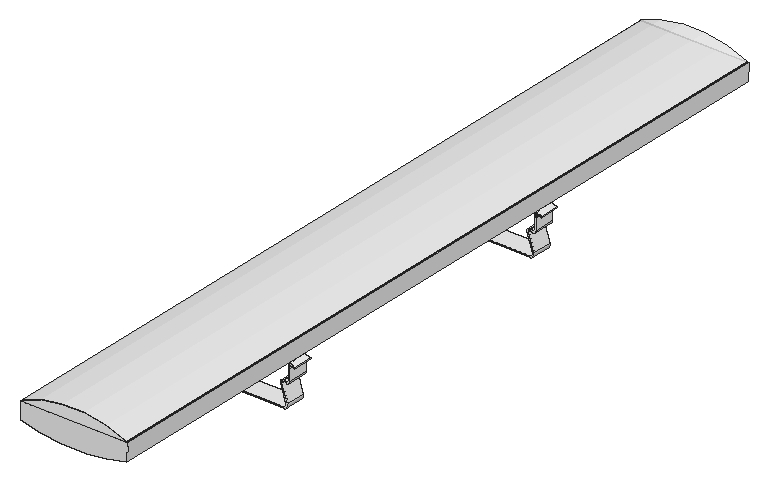
Revit family "Lighting-Industriale-GEWISS-SMART[3]PLUS-PLAFONIERA-LED_TRANSPARENTE_800mm", category Apparecchi per illuminazione, host Superficie, Revit 2019
Family settings
  Host = Superficie
  Quota connettore circolare = Usa diametro
  Tipo di parte = Normale
  Taglio con vuoti quando caricato = No
  Sorgente d'illuminazione = Sì
  Condiviso = No
  Punto di calcolo locali = No
Parameters (values of type "GWS3123AT957 - SMART3 PLUS 800 T.W.DALI HE TRASP 9 57")
  Wattage = 27 W
  Visibilità simbolo [instance] = yes
  Visibilità pianta [instance] = not(Visibilità simbolo)  # no
  Visibilita_etichetta [instance] = yes
  Versione file RFA = "20.0"
  Variazione temperatura colore lampada con luminosità attenuata = (empty or 0)
  URL = "https://www.gewiss.com/it/it"
  Tipologia sorgente luminosa = "LED - Non sostituibile"
  Tipologia = "DALI"
  Tipo alimentatore = ""
  Tensione = "220-240 V "
  Temperatura di utilizzo = "-25 +50 °C"
  Temperatura di funzionamento = "-25 +50 °C"
  Temperatura di colore: = "5700 K (CRI > 90)"
  Temperatura di colore = "5700 K (CRI > 90)"
  Schermo = "Trasparente"
  Scheda Tecnica = "https://www.gewiss.com/it/it/search?q=GWS3123AT957"
  SEO = "Plafoniera"
  Resistenza agli urti = "IK08"
  Potenza di sistema = "26 W"
  Peso (kg): = ""
  NÂ° LED (#) = ""
  Numero poli = 2
  built-in parameter 1150107 = 5700 (stored number, unit not read)
  Struttura = GEWISS - SMART 3 - GRIGIO
  Stampa 1_200 = no
  Stampa 1_100 = not(Stampa 1_200)  # yes
  Spostamento_Y_etichetta [instance] = 0 mm
  Spostamento_Y_effettivo_etichetta [instance] = 1500 mm - Spostamento_Y_etichetta  # 1500 mm
  Spostamento_X_etichetta [instance] = 0 mm
  Spostamento_X_effettivo_etichetta [instance] = 1500 mm - Spostamento_X_etichetta  # 1500 mm
  Schermo. = Gewiss - Led Acceso
  Default Elevation = 1219.2 mm
  Produttore = "GEWISS S.p.A."
  built-in parameter 1150110 = 1 (stored number, unit not read)
  built-in parameter 1150109 = 1 (stored number, unit not read)
  built-in parameter 1114218 = 1 (stored number, unit not read)
  built-in parameter 1150112 = 1 (stored number, unit not read)
  Modello = "GWS3123AT957"
  built-in parameter 1150137 = (empty or 0)
  built-in parameter 1150132 = (empty or 0)
  Lunghezza Lampada = 800 mm  # constant formula
  Lunghezza = "800 mm"
  Lumen output (lm) = "3100"
  Lampada: = "LED"
  Lampada = "LED"
  LED LifeTime (L80B20) = ""
  LED Life time (L90B50) = ""
  LED Life time (L80B50) = ""
  LED Life time (L70) = ""
  built-in parameter 1150105 = 1406.7 (stored number, unit not read)
  built-in parameter 1150102 = (empty or 0)
  Type Image = GWS3236TC.jpg
  built-in parameter 1150106 = 14.067 (stored number, unit not read)
  IFC.TypeObject = ""
  IFC.ExportType = ""
  IFC.ExportAs = ""
  IDT = "a7a40100-d365-495d-870d-5573c78dcb86"
  IDF = "56b10fca-28fd-4f7f-b1d8-d3c43a13c274"
  Grado di protezione = "IP66/IP69"
  Glow Wire Test = "850°C"
  Garanzia = "5 anni"
  Ganci = GEWISS  - ALLUMINIO
  Flusso nominale (lm) = ""
  Lumens = 4010.63 lm
  Color Filter = 16777215
  File diagramma fotometrico = "GWS3123AT957.IES"
  built-in parameter 1114217 = 1 (stored number, unit not read)
  built-in parameter 1150139 = (empty or 0)
  Failure rate apparecchio (50.000h, Tq=25Â° C) = ""
  Failure rate apparecchio (35.000h, Tq=35Â° C) = ""
  Emetti da lunghezza linea = 700 mm
  built-in parameter 1150104 = 13.8 (stored number, unit not read)
  built-in parameter 1150115 = 1 (stored number, unit not read)
  built-in parameter 1150114 = 1 (stored number, unit not read)
  built-in parameter 1150113 = 1 (stored number, unit not read)
  Descrizione = "SMART3 PLUS 800 T.W.DALI HE TRASP 9 57"
  D_simbolo = 128.545 mm
  Creato da GEWISS S.p.A. = ""
  Commenti sul wattaggio = "35W"
  built-in parameter 1150134 = (empty or 0)
  built-in parameter 1150138 = (empty or 0)
  Codice Electrocod = "2434"
  Codice EAN = ""
  Classe isolamento = "II"
  Classe di efficienza LED integrati = "A ÷ A++"
  Catalogo Serie = "SMART[3] PLUS"
  Catalogo = "LIGHTING"
  Carico apparente = 35 VA
  COBie.Tagnumber = ""
  COBie.CreatedOn = ""
  COBie.CreatebBy = ""
  COBie.ComponentRegisterItemID = ""
  COBie.Component.TagNumber = ""
  COBie.Component.Space = ""
  COBie.Component.SerialNumber = ""
  COBie.Component.InstallationDate = ""
  COBie.Component.Description = ""
  COBie.Component.BarCode = ""
  Applicazione = "Interno"
  Apparecchio a ridotta temperatura superficiale = ""
  Tilt Angle = -90.00°
  built-in parameter 1150133 = 10 (stored number, unit not read)
Types (24, lengths in mm): name | Tipologia | Temperatura di colore: | Temperatura di colore | Scheda Tecnica | Potenza di sistema | Modello | Lumen output (lm) | Type Image | IDT | File diagramma fotometrico | Descrizione | D_simbolo | Commenti sul wattaggio | Carico apparente
  GWS3120AT830 - SMART3 PLUS 800 ON/OFF HE TRASP 8 30 | "" | "3000 K (CRI > 80)" | "3000 K (CRI > 80)" | "https://www.gewiss.com/it/it/search?q=GWS3120AT830" | "25 W" | "GWS3120AT830" | "3700" | GWS3118T.jpg | "a6fe8235-04c2-4e2c-b239-050baa2d943e" | "GWS3120AT830.IES" | "SMART3 PLUS 800 ON/OFF HE TRASP 8 30" | 150 | "15W" | 15 VA
  GWS3120AT840 - SMART3 PLUS 800 ON/OFF HE TRASP 8 40 | "" | "4000 K (CRI > 80)" | "4000 K (CRI > 80)" | "https://www.gewiss.com/it/it/search?q=GWS3120AT840" | "25 W" | "GWS3120AT840" | "3900" | GWS3118T30K.jpg | "31031c67-3ece-42c6-9e78-712e8d5573a3" | "GWS3120AT840.IES" | "SMART3 PLUS 800 ON/OFF HE TRASP 8 40" | 128.545 | "15W" | 15 VA
  GWS3120AT857 - SMART3 PLUS 800 ON/OFF HE TRASP 8 57 | "" | "5700 K (CRI > 80)" | "5700 K (CRI > 80)" | "https://www.gewiss.com/it/it/search?q=GWS3120AT857" | "25 W" | "GWS3120AT857" | "3900" | GWS3118T57K.jpg | "87c03e1c-39d0-4fea-99e3-36d0dd80df9a" | "GWS3120AT857.IES" | "SMART3 PLUS 800 ON/OFF HE TRASP 8 57" | 128.545 | "15W" | 15 VA
  GWS3120AT957 - SMART3 PLUS 800 ON/OFF HE TRASP 9 57 | "" | "5700 K (CRI > 90)" | "5700 K (CRI > 90)" | "https://www.gewiss.com/it/it/search?q=GWS3120AT957" | "25 W" | "GWS3120AT957" | "3100" | GWS3218T.jpg | "376f2240-7928-4304-8ee8-6b30937b8570" | "GWS3120AT957.IES" | "SMART3 PLUS 800 ON/OFF HE TRASP 9 57" | 128.545 | "26W" | 26 VA
  GWS3121AT830 - SMART3 PLUS 800 DALI HE TRASP 8 30 | "DALI" | "3000 K (CRI > 80)" | "3000 K (CRI > 80)" | "https://www.gewiss.com/it/it/search?q=GWS3121AT830" | "26 W" | "GWS3121AT830" | "3700" | GWS3218T30K.jpg | "40040d5d-e7c3-414e-beb1-d82b1a3f305c" | "GWS3121AT830.IES" | "SMART3 PLUS 800 DALI HE TRASP 8 30" | 128.545 | "26W" | 26 VA
  GWS3121AT840 - SMART3 PLUS 800 DALI HE TRASP 8 40 | "DALI" | "4000 K (CRI > 80)" | "4000 K (CRI > 80)" | "https://www.gewiss.com/it/it/search?q=GWS3121AT840" | "26 W" | "GWS3121AT840" | "3900" | GWS3218T57K.jpg | "b15cbee4-18f3-4bad-a364-a41863a21c8b" | "GWS3121AT840.IES" | "SMART3 PLUS 800 DALI HE TRASP 8 40" | 128.545 | "26W" | 26 VA
  GWS3120AT930 - SMART3 PLUS 800 ON/OFF HE TRASP 9 30 | "" | "3000 K (CRI > 90)" | "3000 K (CRI > 90)" | "https://www.gewiss.com/it/it/search?q=GWS3120AT930" | "25 W" | "GWS3120AT930" | "2900" | GWS3118TD30K.jpg | "ccb922e3-1790-463d-b7a4-f72926e0e26d" | "GWS3120AT930.IES" | "SMART3 PLUS 800 ON/OFF HE TRASP 9 30" | 128.545 | "18W" | 18 VA
  GWS3120AT940 - SMART3 PLUS 800 ON/OFF HE TRASP 9 40 | "" | "4000 K (CRI > 90)" | "4000 K (CRI > 90)" | "https://www.gewiss.com/it/it/search?q=GWS3120AT940" | "25 W" | "GWS3120AT940" | "3100" | GWS3118TD57K.jpg | "6c63370c-6ad0-4211-aee6-e0aea1ea31d3" | "GWS3120AT940.IES" | "SMART3 PLUS 800 ON/OFF HE TRASP 9 40" | 128.545 | "18W" | 18 VA
  GWS3121AT930 - SMART3 PLUS 800 DALI HE TRASP 9 30 | "DALI" | "3000 K (CRI > 90)" | "3000 K (CRI > 90)" | "https://www.gewiss.com/it/it/search?q=GWS3121AT930" | "26 W" | "GWS3121AT930" | "2900" | GWS3218TD.jpg | "82d811b6-2af1-4f18-bb23-1a8b3a58a5ef" | "GWS3121AT930.IES" | "SMART3 PLUS 800 DALI HE TRASP 9 30" | 128.545 | "27W" | 27 VA
  GWS3121AT857 - SMART3 PLUS 800 DALI HE TRASP 8 57 | "DALI" | "5700 K (CRI > 80)" | "5700 K (CRI > 80)" | "https://www.gewiss.com/it/it/search?q=GWS3121AT857" | "26 W" | "GWS3121AT857" | "3900" | GWS3218TD30K.jpg | "1764fd3f-21c9-4a37-a5f1-89995dd3feee" | "GWS3121AT857.IES" | "SMART3 PLUS 800 DALI HE TRASP 8 57" | 128.545 | "27W" | 27 VA
  GWS3121AT940 - SMART3 PLUS 800 DALI HE TRASP 9 40 | "DALI" | "4000 K (CRI > 90)" | "4000 K (CRI > 90)" | "https://www.gewiss.com/it/it/search?q=GWS3121AT940" | "26 W" | "GWS3121AT940" | "3100" | GWS3218TD57K.jpg | "3b598cfe-338b-4796-a962-cfbf75ff9cd0" | "GWS3121AT940.IES" | "SMART3 PLUS 800 DALI HE TRASP 9 40" | 128.545 | "27W" | 27 VA
  GWS3121AT957 - SMART3 PLUS 800 DALI HE TRASP 9 57 | "DALI" | "5700 K (CRI > 90)" | "5700 K (CRI > 90)" | "https://www.gewiss.com/it/it/search?q=GWS3121AT957" | "26 W" | "GWS3121AT957" | "3100" | GWS3236TC.jpg | "7e03bbc3-ff8d-4398-8221-30efe948833e" | "GWS3121AT957.IES" | "SMART3 PLUS 800 DALI HE TRASP 9 57" | 128.545 | "35W" | 35 VA
  GWS3122AT830 - SMART3 PLUS 800 T.W.ON/OFF HE TRASP 8 30 | "" | "3000 K (CRI > 80)" | "3000 K (CRI > 80)" | "https://www.gewiss.com/it/it/search?q=GWS3122AT830" | "25 W" | "GWS3122AT830" | "3700" | GWS3236TC.jpg | "20d84ef7-80bc-4729-b988-58c8c708f4cc" | "GWS3122AT830.IES" | "SMART3 PLUS 800 T.W.ON/OFF HE TRASP 8 30" | 128.545 | "35W" | 35 VA
  GWS3122AT840 - SMART3 PLUS 800 T.W.ON/OFF HE TRASP 8 40 | "" | "4000 K (CRI > 80)" | "4000 K (CRI > 80)" | "https://www.gewiss.com/it/it/search?q=GWS3122AT840" | "25 W" | "GWS3122AT840" | "3900" | GWS3236TC.jpg | "e4470ab1-9454-4ad5-9d22-49c0d0c4e6e8" | "GWS3122AT840.IES" | "SMART3 PLUS 800 T.W.ON/OFF HE TRASP 8 40" | 128.545 | "35W" | 35 VA
  GWS3122AT857 - SMART3 PLUS 800 T.W.ON/OFF HE TRASP 8 57 | "" | "5700 K (CRI > 80)" | "5700 K (CRI > 80)" | "https://www.gewiss.com/it/it/search?q=GWS3122AT857" | "25 W" | "GWS3122AT857" | "3900" | GWS3236TC.jpg | "6ee1a39a-5677-4294-b868-90c6ff03a835" | "GWS3122AT857.IES" | "SMART3 PLUS 800 T.W.ON/OFF HE TRASP 8 57" | 128.545 | "35W" | 35 VA
  GWS3122AT930 - SMART3 PLUS 800 T.W.ON/OFF HE TRASP 9 30 | "" | "3000 K (CRI > 90)" | "3000 K (CRI > 90)" | "https://www.gewiss.com/it/it/search?q=GWS3122AT930" | "25 W" | "GWS3122AT930" | "2900" | GWS3236TC.jpg | "6865c886-efc7-48ca-a871-b242f317a99c" | "GWS3122AT930.IES" | "SMART3 PLUS 800 T.W.ON/OFF HE TRASP 9 30" | 128.545 | "35W" | 35 VA
  GWS3122AT940 - SMART3 PLUS 800 T.W.ON/OFF HE TRASP 9 40 | "" | "4000 K (CRI > 90)" | "4000 K (CRI > 90)" | "https://www.gewiss.com/it/it/search?q=GWS3122AT940" | "25 W" | "GWS3122AT940" | "3100" | GWS3236TC.jpg | "78905fa9-9ac2-46ea-a208-1dff689d54ac" | "GWS3122AT940.IES" | "SMART3 PLUS 800 T.W.ON/OFF HE TRASP 9 40" | 128.545 | "35W" | 35 VA
  GWS3122AT957 - SMART3 PLUS 800 T.W.ON/OFF HE TRASP 9 57 | "" | "5700 K (CRI > 90)" | "5700 K (CRI > 90)" | "https://www.gewiss.com/it/it/search?q=GWS3122AT957" | "25 W" | "GWS3122AT957" | "3100" | GWS3236TC.jpg | "d09a2876-dd0e-4098-9731-692acce1bb28" | "GWS3122AT957.IES" | "SMART3 PLUS 800 T.W.ON/OFF HE TRASP 9 57" | 128.545 | "35W" | 35 VA
  GWS3123AT830 - SMART3 PLUS 800 T.W.DALI HE TRASP 8 30 | "DALI" | "3000 K (CRI > 80)" | "3000 K (CRI > 80)" | "https://www.gewiss.com/it/it/search?q=GWS3123AT830" | "26 W" | "GWS3123AT830" | "3700" | GWS3236TC.jpg | "f1c13237-80cf-46b9-902d-5fb2799dc647" | "GWS3123AT830.IES" | "SMART3 PLUS 800 T.W.DALI HE TRASP 8 30" | 128.545 | "35W" | 35 VA
  GWS3123AT840 - SMART3 PLUS 800 T.W.DALI HE TRASP 8 40 | "DALI" | "4000 K (CRI > 80)" | "4000 K (CRI > 80)" | "https://www.gewiss.com/it/it/search?q=GWS3123AT840" | "26 W" | "GWS3123AT840" | "3900" | GWS3236TC.jpg | "76e3c34f-cb34-40ee-95ba-7c5db8932a4a" | "GWS3123AT840.IES" | "SMART3 PLUS 800 T.W.DALI HE TRASP 8 40" | 128.545 | "35W" | 35 VA
  GWS3123AT857 - SMART3 PLUS 800 T.W.DALI HE TRASP 8 57 | "DALI" | "5700 K (CRI > 80)" | "5700 K (CRI > 80)" | "https://www.gewiss.com/it/it/search?q=GWS3123AT857" | "26 W" | "GWS3123AT857" | "3900" | GWS3236TC.jpg | "a17ae93b-b191-41b2-bbdf-d0620dd97fbb" | "GWS3123AT857.IES" | "SMART3 PLUS 800 T.W.DALI HE TRASP 8 57" | 128.545 | "35W" | 35 VA
  GWS3123AT930 - SMART3 PLUS 800 T.W.DALI HE TRASP 9 30 | "DALI" | "3000 K (CRI > 90)" | "3000 K (CRI > 90)" | "https://www.gewiss.com/it/it/search?q=GWS3123AT930" | "26 W" | "GWS3123AT930" | "2900" | GWS3236TC.jpg | "a2f6e6df-babf-4b49-9b4b-f2c6c040c9b9" | "GWS3123AT930.IES" | "SMART3 PLUS 800 T.W.DALI HE TRASP 9 30" | 128.545 | "35W" | 35 VA
  GWS3123AT940 - SMART3 PLUS 800 T.W.DALI HE TRASP 9 40 | "DALI" | "4000 K (CRI > 90)" | "4000 K (CRI > 90)" | "https://www.gewiss.com/it/it/search?q=GWS3123AT940" | "26 W" | "GWS3123AT940" | "3100" | GWS3236TC.jpg | "76c526ca-4404-4c06-bc31-2b643f886f91" | "GWS3123AT940.IES" | "SMART3 PLUS 800 T.W.DALI HE TRASP 9 40" | 128.545 | "35W" | 35 VA
  GWS3123AT957 - SMART3 PLUS 800 T.W.DALI HE TRASP 9 57 | "DALI" | "5700 K (CRI > 90)" | "5700 K (CRI > 90)" | "https://www.gewiss.com/it/it/search?q=GWS3123AT957" | "26 W" | "GWS3123AT957" | "3100" | GWS3236TC.jpg | "a7a40100-d365-495d-870d-5573c78dcb86" | "GWS3123AT957.IES" | "SMART3 PLUS 800 T.W.DALI HE TRASP 9 57" | 128.545 | "35W" | 35 VA
Reference planes
  plane 1 "Centro (Fronte/Retro)": y = 0
  plane 2: z = 0
  plane 3 "Centro (Sinistra/Destra)": x = 0
  plane 4: x = -1500
  plane 5: y = -1500
  plane 6: x = 0
  plane 7: y = 0
Forms (mm)
  Extrusion 1, solid, material "GEWISS  - ALLUMINIO" <- "Ganci", detail levels medium+fine
    sketch origin (0, 0, 0) x (1, 0, 0) y (0, 0, 1)
      loop
        arc (31.431, -0.002) -> (34.576, 1.589) -> (35.156, 5.066) r 3.903
        line (35.156, 5.066) -> (29.612, 23.211)
        arc (29.612, 23.211) -> (29.883, 24.381) -> (31.032, 24.73) r 1.2
        line (31.032, 24.73) -> (34.307, 23.974)
        arc (34.307, 23.974) -> (36.765, 24.53) -> (37.859, 26.8) r 2.9
        line (37.859, 26.8) -> (37.859, 38.8)
        arc (37.859, 38.8) -> (37.648, 39.694) -> (37.059, 40.4) r 2
        line (37.059, 40.4) -> (37.059, 42.71) -> (42.861, 40.598) -> (43.203, 41.538) -> (37.53, 43.603)
        arc (37.53, 43.603) -> (37.019, 43.613) -> (36.605, 43.311) r 0.8
        line (36.605, 43.311) -> (36.306, 26.139)
        arc (36.306, 26.139) -> (35.6, 25.444) -> (34.616, 25.34) r 1.5
        line (34.616, 25.34) -> (31.344, 26.095)
        arc (31.344, 26.095) -> (28.858, 25.335) -> (28.273, 22.802) r 2.6
        line (28.273, 22.802) -> (33.827, 4.636)
        arc (33.827, 4.636) -> (33.449, 2.415) -> (31.438, 1.4) r 2.5
        line (31.438, 1.4) -> (-31.437, 1.4)
        arc (-31.437, 1.4) -> (-33.449, 2.415) -> (-33.827, 4.636) r 2.5
        line (-33.827, 4.636) -> (-28.273, 22.802)
        arc (-28.273, 22.802) -> (-28.858, 25.335) -> (-31.344, 26.095) r 2.6
        line (-31.344, 26.095) -> (-34.616, 25.34)
        arc (-34.616, 25.34) -> (-35.6, 25.444) -> (-36.306, 26.139) r 1.5
        line (-36.306, 26.139) -> (-36.605, 43.311)
        arc (-36.605, 43.311) -> (-37.019, 43.613) -> (-37.53, 43.603) r 0.8
        line (-37.53, 43.603) -> (-43.203, 41.538) -> (-42.861, 40.598) -> (-37.059, 42.71) -> (-37.059, 40.4)
        arc (-37.059, 40.4) -> (-37.648, 39.694) -> (-37.859, 38.8) r 2
        line (-37.859, 38.8) -> (-37.859, 26.8)
        arc (-37.859, 26.8) -> (-36.765, 24.53) -> (-34.307, 23.974) r 2.9
        line (-34.307, 23.974) -> (-31.032, 24.73)
        arc (-31.032, 24.73) -> (-29.883, 24.381) -> (-29.612, 23.211) r 1.2
        line (-29.612, 23.211) -> (-35.156, 5.066)
        arc (-35.156, 5.066) -> (-34.576, 1.589) -> (-31.431, -0.002) r 3.903
        line (-31.431, -0.002) -> (31.431, -0.002)
    from 148.766 to 168.766
  Extrusion 2, solid, material "GEWISS  - ALLUMINIO" <- "Ganci", detail levels medium+fine
    sketch origin (0, 0, 0) x (1, 0, 0) y (0, 0, -1)
      loop
        line (31.431, 0.002) -> (-31.431, 0.002)
        arc (-31.431, 0.002) -> (-34.576, -1.589) -> (-35.156, -5.066) r 3.903
        line (-35.156, -5.066) -> (-29.612, -23.211)
        arc (-29.612, -23.211) -> (-29.883, -24.381) -> (-31.032, -24.73) r 1.2
        line (-31.032, -24.73) -> (-34.307, -23.974)
        arc (-34.307, -23.974) -> (-36.765, -24.53) -> (-37.859, -26.8) r 2.9
        line (-37.859, -26.8) -> (-37.859, -38.8)
        arc (-37.859, -38.8) -> (-37.648, -39.694) -> (-37.059, -40.4) r 2
        line (-37.059, -40.4) -> (-37.059, -42.71) -> (-42.861, -40.598) -> (-43.203, -41.538) -> (-37.53, -43.603)
        arc (-37.53, -43.603) -> (-37.019, -43.613) -> (-36.605, -43.311) r 0.8
        line (-36.605, -43.311) -> (-36.306, -26.139)
        arc (-36.306, -26.139) -> (-35.6, -25.444) -> (-34.616, -25.34) r 1.5
        line (-34.616, -25.34) -> (-31.344, -26.095)
        arc (-31.344, -26.095) -> (-28.858, -25.335) -> (-28.273, -22.802) r 2.6
        line (-28.273, -22.802) -> (-33.827, -4.636)
        arc (-33.827, -4.636) -> (-33.449, -2.415) -> (-31.437, -1.4) r 2.5
        line (-31.437, -1.4) -> (31.438, -1.4)
        arc (31.438, -1.4) -> (33.449, -2.415) -> (33.827, -4.636) r 2.5
        line (33.827, -4.636) -> (28.273, -22.802)
        arc (28.273, -22.802) -> (28.858, -25.335) -> (31.344, -26.095) r 2.6
        line (31.344, -26.095) -> (34.616, -25.34)
        arc (34.616, -25.34) -> (35.6, -25.444) -> (36.306, -26.139) r 1.5
        line (36.306, -26.139) -> (36.605, -43.311)
        arc (36.605, -43.311) -> (37.019, -43.613) -> (37.53, -43.603) r 0.8
        line (37.53, -43.603) -> (43.203, -41.538) -> (42.861, -40.598) -> (37.059, -42.71) -> (37.059, -40.4)
        arc (37.059, -40.4) -> (37.648, -39.694) -> (37.859, -38.8) r 2
        line (37.859, -38.8) -> (37.859, -26.8)
        arc (37.859, -26.8) -> (36.765, -24.53) -> (34.307, -23.974) r 2.9
        line (34.307, -23.974) -> (31.032, -24.73)
        arc (31.032, -24.73) -> (29.883, -24.381) -> (29.612, -23.211) r 1.2
        line (29.612, -23.211) -> (35.156, -5.066)
        arc (35.156, -5.066) -> (34.576, -1.589) -> (31.431, 0.002) r 3.903
    from 148.766 to 168.766
  Extrusion 3, solid, material "GEWISS - SMART 3 - GRIGIO" <- "Struttura", visible <- "Visibilità pianta", detail levels medium+fine
    sketch origin (0, 0, 0) x (1, 0, 0) y (0, 0, 1)
      loop
        line (-36.331, 55.757) -> (-35.847, 28.018)
        arc (-35.847, 28.018) -> (-33.139, 27.27) -> (-30.416, 26.58) r 129.5
        arc (-30.416, 26.58) -> (-28.066, 25.76) -> (-25.915, 24.506) r 13
        arc (-25.915, 24.506) -> (-24.23, 23.324) -> (-22.521, 22.178) r 99.5
        arc (-22.521, 22.178) -> (-16.401, 19.063) -> (-9.748, 17.365) r 31.146
        line (-9.748, 17.365) -> (12.491, 17.365)
        arc (12.491, 17.365) -> (17.822, 19.098) -> (22.764, 21.745) r 31.646
        arc (22.764, 21.745) -> (24.509, 22.915) -> (26.228, 24.122) r 100
        arc (26.228, 24.122) -> (28.283, 25.313) -> (30.525, 26.095) r 12.5
        arc (30.525, 26.095) -> (33.437, 26.834) -> (36.332, 27.64) r 130
        line (36.332, 27.64) -> (36.824, 55.851)
        arc (36.824, 55.851) -> (24.914, 53.937) -> (12.909, 52.764) r 195.047
        line (12.909, 52.764) -> (-12.909, 52.764)
        arc (-12.909, 52.764) -> (-24.665, 53.905) -> (-36.331, 55.757) r 195.047
    from -250 to 250
  Extrusion 4, solid, material "GEWISS - SMART 3 - GRIGIO" <- "Struttura", detail levels medium+fine
    sketch origin (0, 0, 0) x (1, 0, 0) y (0, 0, 1)
      loop
        line (54.725, 60.184) -> (55.177, 77.445) -> (-55.177, 77.445) -> (-54.725, 60.184)
        arc (-54.725, 60.184) -> (-34.019, 55.332) -> (-12.909, 52.764) r 195.047
        line (-12.909, 52.764) -> (12.909, 52.764)
        arc (12.909, 52.764) -> (34.019, 55.332) -> (54.725, 60.184) r 195.047
    from -400 to 400
  Extrusion 5, solid, material "Gewiss - Led Acceso" <- "Schermo.", detail levels medium+fine
    sketch origin (0, 0, 0) x (1, 0, 0) y (0, 0, 1)
      loop
        arc (54.697, 78.441) -> (-0.014, 90.457) -> (-54.723, 78.429) r 130.5
        arc (-54.723, 78.429) -> (-54.988, 77.838) -> (-54.5, 77.445) r 0.5
        line (-54.5, 77.445) -> (54.479, 77.445)
        arc (54.479, 77.445) -> (54.988, 77.855) -> (54.697, 78.441) r 0.522
    from -400 to 400
  Extrusion 6, solid, material "GEWISS - SMART 3 - GRIGIO" <- "Struttura", detail levels coarse
    sketch origin (0, 0, 0) x (1, 0, 0) y (0, 0, 1)
      loop
        line (-54.5, 90.439) -> (-54.5, 0) -> (54.5, 0) -> (54.5, 90.439) -> (-54.5, 90.439)
    from -400 to 400
Lines and regions (mm)
  Masking region 1, visible <- "Visibilità pianta"
    outline origin (0, 0, 0) x (1, 0, 0) y (0, 1, 0)
      loop
        line (-55.177, 400) -> (-55.177, -400) -> (55.177, -400) -> (55.177, 400) -> (-55.177, 400)
  model lines, style "GEWISS - LIGHT 2D", not visible
    curve 1: arc (658.224, 441.447, 0) -> (657.902, 441.529, 0) -> (657.571, 441.558, 0) r 1.999
    curve 2: arc (659.744, 439.503, 0) -> (659.172, 440.906, 0) -> (657.781, 441.505, 0) r 1.998
    curve 3: arc (549.391, -356.494, 0) -> (549.963, -357.897, 0) -> (551.356, -358.495, 0) r 1.998
    curve 4: arc (657.744, -358.495, 0) -> (659.181, -357.627, 0) -> (659.745, -356.046, 0) r 2.5
    curve 5: arc (551.891, 441.558, 0) -> (550.123, 440.825, 0) -> (549.391, 439.058, 0) r 2.5
    curve 6: line (657.571, 441.558, 0) -> (604.567, 441.558, 0)
    curve 7: line (604.567, 441.558, 0) -> (551.891, 441.558, 0)
    curve 8: line (551.356, -358.495, 0) -> (604.568, -358.495, 0)
    curve 9: line (604.568, -358.495, 0) -> (657.744, -358.495, 0)
    curve 10: line (659.745, -356.046, 0) -> (659.745, 439.503, 0)
    curve 11: line (657.781, 441.505, 0) -> (604.567, 441.505, 0)
    curve 12: line (549.391, -356.494, 0) -> (549.391, 439.058, 0)
    curve 13: line (604.569, 276.529, 0) -> (604.569, -193.52, 0)
Dimensions and locks
  plane 4 to plane 3 "Centro (Sinistra/Destra)" = 1500 mm
  "Spostamento_X_effettivo_etichetta": plane 4 to plane 6
  "Spostamento_Y_effettivo_etichetta": plane 7 to plane 5
  plane 1 "Centro (Fronte/Retro)" to plane 5 = 1500 mm
  aligned and locked: plane 2 to host face
  aligned and locked: level to host face
  aligned and locked: plane 6 to nested 1
  aligned and locked: nested 1 to plane 7
  aligned and locked: Masking region 1 sketch curve to Extrusion 4  (x4)
  aligned and locked: plane 3 "Centro (Sinistra/Destra)" to nested 2
  aligned and locked: nested 2 to plane 1 "Centro (Fronte/Retro)"
Automatic sketch dimensions
  host sketch curve to host sketch curve = 2438.4 mm  (x2)
  Extrusion 1 sketch curve to Extrusion 1 sketch curve = 0 mm  (x28)
  Extrusion 1 sketch curve to plane 3 "Centro (Sinistra/Destra)" = 43.203 mm
  level to Extrusion 1 sketch curve = 40.598 mm
  Extrusion 1 sketch curve to Extrusion 1 sketch curve = 0.342 mm  (x2)
  Extrusion 1 sketch curve to Extrusion 1 sketch curve = 5.002 mm  (x2)
  Extrusion 1 sketch curve to Extrusion 1 sketch curve = 0.329 mm
  Extrusion 1 sketch curve to Extrusion 1 sketch curve = 0.271 mm  (x2)
  Extrusion 1 sketch curve to Extrusion 1 sketch curve = 0.8 mm  (x2)
  Extrusion 1 sketch curve to Extrusion 1 sketch curve = 0.454 mm  (x2)
  Extrusion 1 sketch curve to Extrusion 1 sketch curve = 1.554 mm
  Extrusion 1 sketch curve to Extrusion 1 sketch curve = 2 mm
  level to Extrusion 1 sketch curve = 5.066 mm  (x2)
  Extrusion 1 sketch curve to Extrusion 1 sketch curve = 1.15 mm
  Extrusion 1 sketch curve to Extrusion 1 sketch curve = 1.346 mm  (x2)
  Extrusion 1 sketch curve to Extrusion 1 sketch curve = 0.343 mm  (x2)
  level to Extrusion 1 sketch curve = 4.636 mm  (x2)
  Extrusion 1 sketch curve to Extrusion 1 sketch curve = 1.329 mm  (x2)
  level to Extrusion 1 sketch curve = 1.4 mm
  Extrusion 1 sketch curve to Extrusion 1 sketch curve = 2.389 mm  (x2)
  Extrusion 1 sketch curve to Extrusion 1 sketch curve = 0.007 mm  (x2)
  Extrusion 1 sketch curve to Extrusion 1 sketch curve = 3.584 mm  (x2)
  Extrusion 1 sketch curve to Extrusion 1 sketch curve = 0.273 mm  (x2)
  plane 3 "Centro (Sinistra/Destra)" to Extrusion 1 sketch curve = 30.759 mm
  Extrusion 1 sketch curve to level = 0.002 mm
  Extrusion 1 sketch curve to Extrusion 1 sketch curve = 0.672 mm
  Extrusion 1 sketch curve to Extrusion 1 sketch curve = 0.9 mm
  level to Extrusion 1 sketch curve = 26.139 mm
  Extrusion 1 sketch curve to Extrusion 1 sketch curve = 0.746 mm
  Extrusion 1 sketch curve to Extrusion 1 sketch curve = 0.2 mm
  Extrusion 1 sketch curve to Extrusion 1 sketch curve = 2.577 mm
  Extrusion 1 sketch curve to Extrusion 1 sketch curve = 18.496 mm
  Extrusion 1 sketch curve to Extrusion 1 sketch curve = 1.169 mm  (x2)
  Extrusion 1 sketch curve to Extrusion 1 sketch curve = 0.799 mm  (x2)
  Extrusion 1 sketch curve to Extrusion 1 sketch curve = 0.609 mm
  Extrusion 1 sketch curve to Extrusion 1 sketch curve = 1.798 mm  (x2)
  Extrusion 1 sketch curve to Extrusion 1 sketch curve = 12 mm
  Extrusion 1 sketch curve to Extrusion 1 sketch curve = 0.94 mm  (x2)
  Extrusion 1 sketch curve to Extrusion 1 sketch curve = 0.14 mm  (x2)
  Extrusion 1 sketch curve to Extrusion 1 sketch curve = 0.309 mm  (x2)
  Extrusion 1 sketch curve to Extrusion 1 sketch curve = 0.312 mm  (x2)
  Extrusion 1 sketch curve to Extrusion 1 sketch curve = 1.148 mm  (x2)
  Extrusion 1 sketch curve to Extrusion 1 sketch curve = 1.339 mm
  Extrusion 1 sketch curve to Extrusion 1 sketch curve = 2.486 mm
  Extrusion 1 sketch curve to Extrusion 1 sketch curve = 0.409 mm  (x2)
  Extrusion 2 sketch curve to Extrusion 2 sketch curve = 0 mm  (x28)
  Extrusion 2 sketch curve to plane 3 "Centro (Sinistra/Destra)" = 43.203 mm
  level to Extrusion 2 sketch curve = 40.598 mm
  Extrusion 2 sketch curve to Extrusion 2 sketch curve = 0.342 mm  (x2)
  Extrusion 2 sketch curve to Extrusion 2 sketch curve = 5.002 mm  (x2)
  Extrusion 2 sketch curve to Extrusion 2 sketch curve = 0.329 mm
  Extrusion 2 sketch curve to Extrusion 2 sketch curve = 0.271 mm  (x2)
  Extrusion 2 sketch curve to Extrusion 2 sketch curve = 0.8 mm  (x2)
  Extrusion 2 sketch curve to Extrusion 2 sketch curve = 0.454 mm  (x2)
  Extrusion 2 sketch curve to Extrusion 2 sketch curve = 1.554 mm
  Extrusion 2 sketch curve to Extrusion 2 sketch curve = 2 mm
  level to Extrusion 2 sketch curve = 5.066 mm  (x2)
  Extrusion 2 sketch curve to Extrusion 2 sketch curve = 1.15 mm
  Extrusion 2 sketch curve to Extrusion 2 sketch curve = 1.346 mm  (x2)
  Extrusion 2 sketch curve to Extrusion 2 sketch curve = 0.343 mm  (x2)
  level to Extrusion 2 sketch curve = 4.636 mm  (x2)
  Extrusion 2 sketch curve to Extrusion 2 sketch curve = 1.329 mm  (x2)
  level to Extrusion 2 sketch curve = 1.4 mm
  Extrusion 2 sketch curve to Extrusion 2 sketch curve = 2.389 mm  (x2)
  Extrusion 2 sketch curve to Extrusion 2 sketch curve = 0.007 mm  (x2)
  Extrusion 2 sketch curve to Extrusion 2 sketch curve = 3.584 mm  (x2)
  Extrusion 2 sketch curve to Extrusion 2 sketch curve = 0.273 mm  (x2)
  plane 3 "Centro (Sinistra/Destra)" to Extrusion 2 sketch curve = 30.759 mm
  Extrusion 2 sketch curve to level = 0.002 mm
  Extrusion 2 sketch curve to Extrusion 2 sketch curve = 0.672 mm
  Extrusion 2 sketch curve to Extrusion 2 sketch curve = 0.9 mm
  level to Extrusion 2 sketch curve = 26.139 mm
  Extrusion 2 sketch curve to Extrusion 2 sketch curve = 0.746 mm
  Extrusion 2 sketch curve to Extrusion 2 sketch curve = 0.2 mm
  Extrusion 2 sketch curve to Extrusion 2 sketch curve = 14.46 mm
  Extrusion 2 sketch curve to Extrusion 2 sketch curve = 0.94 mm  (x2)
  Extrusion 2 sketch curve to Extrusion 2 sketch curve = 0.14 mm  (x2)
  Extrusion 2 sketch curve to Extrusion 2 sketch curve = 2.31 mm  (x2)
  Extrusion 2 sketch curve to Extrusion 2 sketch curve = 12 mm
  Extrusion 2 sketch curve to Extrusion 2 sketch curve = 0.661 mm  (x2)
  Extrusion 2 sketch curve to Extrusion 2 sketch curve = 0.609 mm  (x2)
  Extrusion 2 sketch curve to Extrusion 2 sketch curve = 1.169 mm  (x2)
  Extrusion 2 sketch curve to Extrusion 2 sketch curve = 0.309 mm  (x2)
  Extrusion 2 sketch curve to Extrusion 2 sketch curve = 0.312 mm  (x2)
  Extrusion 2 sketch curve to Extrusion 2 sketch curve = 1.148 mm  (x2)
  Extrusion 2 sketch curve to Extrusion 2 sketch curve = 1.339 mm
  Extrusion 2 sketch curve to Extrusion 2 sketch curve = 2.486 mm
  Extrusion 2 sketch curve to Extrusion 2 sketch curve = 1.365 mm  (x2)
  Extrusion 3 sketch curve to plane 3 "Centro (Sinistra/Destra)" = 36.331 mm
  Extrusion 3 sketch curve to Extrusion 3 sketch curve = 0.484 mm
  Extrusion 3 sketch curve to Extrusion 3 sketch curve = 2.34 mm
  Extrusion 3 sketch curve to plane 3 "Centro (Sinistra/Destra)" = 32.068 mm
  Extrusion 3 sketch curve to plane 3 "Centro (Sinistra/Destra)" = 12.909 mm
  Extrusion 3 sketch curve to plane 3 "Centro (Sinistra/Destra)" = 9.748 mm
  Extrusion 3 sketch curve to plane 3 "Centro (Sinistra/Destra)" = 5.421 mm
  Extrusion 3 sketch curve to plane 3 "Centro (Sinistra/Destra)" = 0.057 mm
  Extrusion 3 sketch curve to plane 3 "Centro (Sinistra/Destra)" = 0.007 mm
  Extrusion 3 sketch curve to plane 3 "Centro (Sinistra/Destra)" = 0.001 mm
  plane 3 "Centro (Sinistra/Destra)" to Extrusion 3 sketch curve = 0.057 mm
  plane 3 "Centro (Sinistra/Destra)" to Extrusion 3 sketch curve = 5.412 mm
  plane 3 "Centro (Sinistra/Destra)" to Extrusion 3 sketch curve = 12.491 mm
  Extrusion 3 sketch curve to Extrusion 3 sketch curve = 7.496 mm
  plane 3 "Centro (Sinistra/Destra)" to Extrusion 3 sketch curve = 32.059 mm
  Extrusion 3 sketch curve to Extrusion 3 sketch curve = 21.008 mm
  Extrusion 3 sketch curve to Extrusion 3 sketch curve = 2.833 mm
  Extrusion 3 sketch curve to Extrusion 3 sketch curve = 23.916 mm
  level to Extrusion 3 sketch curve = 13.953 mm  (x2)
  level to Extrusion 3 sketch curve = 17.365 mm  (x2)
  Extrusion 3 sketch curve to Extrusion 3 sketch curve = 13.687 mm
  Extrusion 3 sketch curve to Extrusion 3 sketch curve = 14.064 mm
  Extrusion 3 sketch curve to Extrusion 3 sketch curve = 30.844 mm
  Extrusion 3 sketch curve to Extrusion 3 sketch curve = 0 mm  (x3)
  Extrusion 3 sketch curve to Extrusion 3 sketch curve = 4.555 mm
  Extrusion 3 sketch curve to Extrusion 3 sketch curve = 2.993 mm
  Extrusion 3 sketch curve to Extrusion 3 sketch curve = 3.087 mm
  Extrusion 3 sketch curve to Extrusion 3 sketch curve = 49.52 mm
  Extrusion 3 sketch curve to Extrusion 3 sketch curve = 49.615 mm
  Extrusion 3 sketch curve to Extrusion 3 sketch curve = 47.089 mm
  Extrusion 3 sketch curve to Extrusion 3 sketch curve = 5.431 mm
  Extrusion 3 sketch curve to Extrusion 3 sketch curve = 4.5 mm
  Extrusion 3 sketch curve to Extrusion 3 sketch curve = 10.273 mm
  Extrusion 3 sketch curve to Extrusion 3 sketch curve = 3.465 mm
  Extrusion 3 sketch curve to Extrusion 3 sketch curve = 4.297 mm
  Extrusion 4 sketch curve to plane 3 "Centro (Sinistra/Destra)" = 55.177 mm
  Extrusion 4 sketch curve to Extrusion 4 sketch curve = 0.452 mm  (x2)
  Extrusion 4 sketch curve to plane 3 "Centro (Sinistra/Destra)" = 12.909 mm
  Extrusion 4 sketch curve to plane 3 "Centro (Sinistra/Destra)" = 0.057 mm
  plane 3 "Centro (Sinistra/Destra)" to Extrusion 4 sketch curve = 0.057 mm
  plane 3 "Centro (Sinistra/Destra)" to Extrusion 4 sketch curve = 12.909 mm
  Extrusion 4 sketch curve to Extrusion 4 sketch curve = 41.816 mm
  level to Extrusion 4 sketch curve = 52.764 mm
  Extrusion 4 sketch curve to Extrusion 4 sketch curve = 7.42 mm  (x2)
  Extrusion 4 sketch curve to Extrusion 4 sketch curve = 17.262 mm
  Extrusion 5 sketch curve to plane 3 "Centro (Sinistra/Destra)" = 0 mm
  Extrusion 5 sketch curve to plane 3 "Centro (Sinistra/Destra)" = 54.5 mm
  plane 3 "Centro (Sinistra/Destra)" to Extrusion 5 sketch curve = 54.479 mm
  Extrusion 5 sketch curve to level = 40.043 mm
  level to Extrusion 5 sketch curve = 77.445 mm
  Extrusion 5 sketch curve to Extrusion 5 sketch curve = 0.5 mm
  Extrusion 5 sketch curve to Extrusion 5 sketch curve = 0.522 mm
  Extrusion 5 sketch curve to Extrusion 5 sketch curve = 0.21 mm
  Extrusion 5 sketch curve to Extrusion 5 sketch curve = 0.014 mm
  Extrusion 5 sketch curve to Extrusion 5 sketch curve = 0 mm
  Extrusion 6 sketch curve to level = 0 mm
  Extrusion 6 sketch curve to plane 3 "Centro (Sinistra/Destra)" = 54.5 mm
  plane 3 "Centro (Sinistra/Destra)" to Extrusion 6 sketch curve = 54.5 mm
  Extrusion 6 sketch curve to Extrusion 6 sketch curve = 90.439 mm
Nested families
  nested 1: "ETICHETTA WATTAGGIO" at (0, 0, 0), visible <- "Visibilita_etichetta", type "ETICHETTA WATTAGGIO"
  nested 2: "SMART 3 PLAFONIERE LED TRASPARENTI 800 mm_Simbolo" at (0, 0, 0) x (0, 1, 0) z (0, 0, 1), visible <- "Visibilità simbolo", type "SMART 3 PLAFONIERE LED TRASPARENTI 800 mm_Simbolo"
Connectors
  electrical at (0, 0, 0), driven by "Carico apparente", driven by "Numero poli"
    settings: on Masking region 1, index 1, voltage 230 V, apparent load 0 VA, apparent load phase1 35 VA, apparent load phase2 0 VA, apparent load phase3 0 VA, power factor 1, load classification "Illuminazione", number of poles 2, system type 31, power factor state 1, is connector primary yes, connector utility no, sub classification motor no, connector description ""
Definition of nested family "ETICHETTA WATTAGGIO"
  Parameters (values of type "ETICHETTA WATTAGGIO")
    GW - Potenza di sistema = ""
    GW - Numero LED = ""
    COMMENTI = "13W"
    1_200 = no
    1_100 = yes
  Reference planes
    plane 1: y = 0
    plane 2: x = 0
  Text (mm)
    label "GW - Potenza di sistema\nGW - Numero LED LED" at (-0.057, -0.214, 0), shows "GW - Potenza di sistema", "GW - Numero LED", visible <- "1_100"
    label "GW - Potenza di sistema\nGW - Numero LED LED " at (-0.057, -0.214, 0), shows "GW - Potenza di sistema", "GW - Numero LED", visible <- "1_200"
Definition of nested family "SMART 3 PLAFONIERE LED TRASPARENTI 800 mm_Simbolo"
  Reference planes
    plane 1 "Centro (Fronte/Retro)": y = 0
    plane 2: z = 0
    plane 3 "Centro (Sinistra/Destra)": x = 0
  Lines and regions (mm)
    detail lines, in view "Livello rif."
      curve 1: line (-256.167, 0, 0) -> (-52.881, 0, 0)
      curve 2: line (291.69, -84.286, 0) -> (-298.31, -84.286, 0)
      curve 3: line (-298.31, -84.286, 0) -> (-298.31, 84.286, 0)
      curve 4: line (-298.31, 84.286, 0) -> (291.69, 84.286, 0)
      curve 5: line (291.69, 84.286, 0) -> (291.69, -84.286, 0)
      curve 6: line (30.063, -41.294, 0) -> (-52.881, 0, 0)
      curve 7: line (-52.881, 0, 0) -> (30.063, 41.791, 0)
      curve 8: line (30.063, 41.791, 0) -> (30.063, -41.294, 0)
      curve 9: line (-52.881, 41.543, 0) -> (-52.881, -41.543, 0)
      curve 10: line (30.063, 0, 0) -> (249.547, 0, 0)
